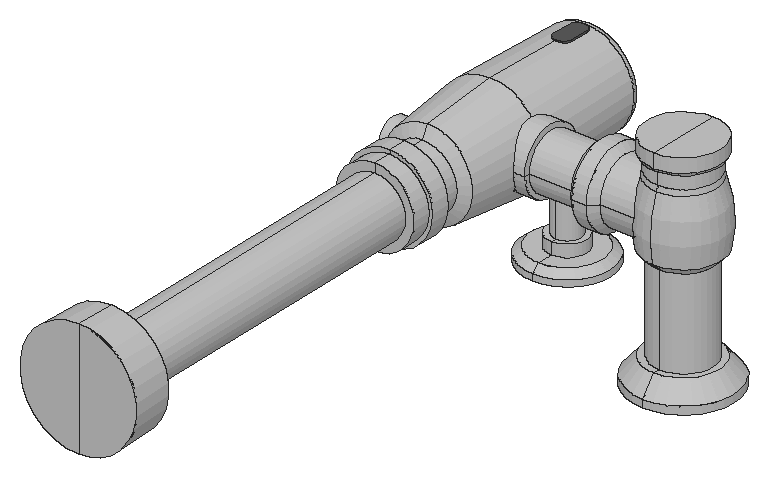
Revit family "Plumbing-Fix_Flush-Valve-Touchless_Stern_Venus", category Plumbing Fixtures, host Face, Revit 2026
Family settings
  Host = Face
  Round Connector Dimension = Use Diameter
  Part Type = Normal
  Classification Number = 23.45.05.14
  Enable Cutting in Views = No
  Cut with Voids When Loaded = No
  Maintain Annotation Orientation = No
  Shared = No
  Room Calculation Point = No
Parameters (values of type "Battery Pack 1.28 GPF")
  Waste Connection = no
  Warranty Duration (Years) = 2
  WFU = 0
  Vent Connection = no
  Unit Width = 0' - 7 1/2"
  Unit Height = 1' - 3 3/4"
  URL = "http://www.sternfaucets.com/"
  Type Comments = "as Specified"
  Standards Conformance = "as Specified"
  Specification = ""
  SpecWizard = ""
  Sales Information = "http://www.sternfaucets.com/contact-us/contact-us-int-l.html"
  Revision = "R1_2018-04"
  Product Properties = ""
  Product Features = "24 Hr Auto Flush"
  Product Data = "http://www.arcat.com/arcatcos/cos50/arc50092.html"
  Power Supply = "9V Battery"
  Piping_Outlet Diameter [instance] = 1/2"
  Piping_Inlet Diameter = 1"
  Piping_Flow = 0 GPM
  Operating Temperature Range = "as Specified"
  Operating Pressure Range = "7.26 - 116 PSI  ;  0.5 - 8 bar"
  Model = "Venus 1.28 GPF"
  Manufacturer Website = "http://www.sternfaucets.com/"
  Manufacturer Phone - Toll Free = "800-436-4410"
  Manufacturer Phone = ""
  Manufacturer Fax = ""
  Manufacturer Address = "777 Passaic Ave.  Clifton, NJ 07012"
  Manufacturer = "Stern Engineering"
  Maintenance Schedule (Months) = 0
  Keynote = ""
  Installation Phase = ""
  HWFU = 0
  HW Connection = no
  Green Building-LEED = ""
  GPF = 1.28
  Fixture Finish [instance] = Finish - Stern - Chrome
  Expected Lifespan (Years) = 0
  Drawn By = "Sumex Design, Inc. / Robert S. Weygant, CSI, CDT, SCIP"
  Distance from Mounting Surface [instance] = 0' - 3 3/4"
  Description = "Stern Touchless Flush Valve - Venus 1.28 GPF as Specified"
  Default Elevation = 0' - 0"
  Cost = 0
  Copyright = "©Arcat Inc."
  Construction Details = ""
  CWFU = 1
  CW Connection = yes
  Body Construction = "Brass"
  Available Options = "as Specified"
  Assembly Code = "D2010300"
  Accent Color [instance] = Finish - Stern - Black
Types (4): name | Power Supply | Model | GPF | Description
  Battery Pack 1.28 GPF | "9V Battery" | "Venus 1.28 GPF" | 1.28 | "Stern Touchless Flush Valve - Venus 1.28 GPF as Specified"
  Battery Pack 1.6 GPF | "9V Battery" | "Venus E 1.28 GPF" | 1.6 | "Stern Touchless Flush Valve - Venus E 1.28 GPF as Specified"
  Transformer 1.28 GPF | "9V Transformer" | "Venus 3002 R" | 1.28 | "Stern Touchless Flush Valve - Venus 3002 R as Specified"
  Transformer 1.6 GPF | "9V Transformer" | "Venus 3002 RE" | 1.6 | "Stern Touchless Flush Valve - Venus 3002 RE as Specified"
Reference planes (in)
  plane 1 "Center (Front/Back)": y = 0
  plane 2: z = 0
  plane 3 "Center (Left/Right)": x = 0
  plane 4: z = 3.75
  plane 5: x = -4.75
Forms (in)
  Revolve 1, solid, material "Finish - Stern - Chrome" <- "Fixture Finish"
    sketch origin (-4.75, 6.36615, 48) x (0, 1, 0) y (0, 0, 1)
      loop
        line (-18.99434, -44.25) -> (-3.24434, -44.25) -> (-3.24434, -43.25)
        arc (-3.24434, -43.25) -> (-3.30205, -43.11069) -> (-3.44136, -43.05298) r 0.19702
        line (-3.44136, -43.05298) -> (-6.36615, -42.95084) -> (-8.25424, -43.14929) -> (-8.41452, -43.42691) -> (-8.84011, -43.42691) -> (-8.97937, -43.18572) -> (-9.44536, -43.18572) -> (-9.44536, -43.28457) -> (-9.89724, -43.28457) -> (-9.89724, -43.5) -> (-17.73212, -43.5) -> (-17.73212, -43.1466) -> (-17.98212, -43.1466) -> (-17.98212, -42.85102) -> (-18.99434, -42.81567) -> (-18.99434, -44.25)
      axis (-18.99434, -44.25) -> (-3.24434, -44.25)
    angle from 0 to 360
  Revolve 2, solid, material "Finish - Stern - Chrome" <- "Fixture Finish"
    sketch origin (-4.75, 6.36615, 48) x (0, 1, 0) y (0, 0, 1)
      loop
        line (-3.98912, -48) -> (-2.91886, -48) -> (-2.91886, -47.84467) -> (-3.11037, -47.68397) -> (-3.51195, -47.68397) -> (-3.51195, -47.39279) -> (-3.65316, -47.39279) -> (-3.65316, -44.25) -> (-3.98912, -44.25) -> (-3.98912, -48)
      axis (-3.98912, -48) -> (-3.98912, -44.25)
    angle from 0 to 360
  Revolve 3, solid, material "Finish - Stern - Chrome" <- "Fixture Finish"
    sketch origin (0, 0, 0) x (0, 1, 0) y (0, 0, 1)
      loop
        line (0, 0) -> (1.25, 0) -> (1.25, 0.18675) -> (0.89413, 0.61086) -> (0.73252, 0.61086) -> (0.73252, 2.81104) -> (0.92499, 3.00351)
        arc (0.92499, 3.00351) -> (0.99291, 3.79453) -> (0.81556, 4.56841) r 2.56366
        line (0.81556, 4.56841) -> (0.79234, 4.70006) -> (0.79234, 5.04851) -> (0.86791, 5.04851) -> (0.90919, 5.11999) -> (0.90919, 5.45663) -> (0, 5.45663) -> (0, 0)
      axis (0, 5.45663) -> (0, 0)
    angle from 0 to 360
  Revolve 4, solid, material "Finish - Stern - Chrome" <- "Fixture Finish"
    sketch origin (0, 5.3407, 3.75) x (1, 0, 0) y (0, 1, 0)
      loop
        line (-4.75, -4.53857) -> (-4.75, -5.3407) -> (0, -5.3407) -> (0, -4.55851) -> (-1.43393, -4.55851) -> (-1.6107, -4.38174) -> (-1.97071, -4.38174) -> (-2.09629, -4.50732) -> (-2.09629, -4.65802) -> (-3.25, -4.65802) -> (-3.25, -4.53857) -> (-4.75, -4.53857)
      axis (-4.75, -5.3407) -> (0, -5.3407)
    angle from 0 to 360
  Revolve 5, solid, material "Finish - Stern - Chrome" <- "Fixture Finish"
    sketch origin (0, 5.3407, 3.75) x (1, 0, 0) y (0, 1, 0)
      loop
        line (-6.33396, -6.51227) -> (-5.44308, -6.51227) -> (-5.44308, -6.03903) -> (-6.17422, -6.03903) -> (-6.17422, -6.26344) -> (-6.23566, -6.26344)
        arc (-6.23566, -6.26344) -> (-6.30517, -6.29223) -> (-6.33396, -6.36174) r 0.0983
        line (-6.33396, -6.36174) -> (-6.33396, -6.51227)
      axis (-6.33396, -6.51227) -> (-5.44308, -6.51227)
    angle from 0 to 360
  Extrusion 6, solid, material "Finish - Stern - Black" <- "Accent Color"
    sketch origin (0, 5.28601, 3.75) x (1, 0, 0) y (0, -1, 0)
      loop
        line (-4.96541, 3.05187) -> (-4.96541, 2.59211)
        arc (-4.96541, 2.59211) -> (-4.75, 2.3767) -> (-4.53459, 2.59211) r 0.21541
        line (-4.53459, 2.59211) -> (-4.53459, 3.05187)
        arc (-4.53459, 3.05187) -> (-4.75, 3.26728) -> (-4.96541, 3.05187) r 0.21541
    from -1.26638 to -0.88297
  Extrusion 7, void
    sketch origin (0, 0, 0) x (0, 1, 0) y (0, 0, 1)
      loop
        line (2.00277, 4.98375) -> (2.92627, 4.9515) -> (2.93084, 5.08218) -> (2.00621, 5.08218) -> (2.00277, 4.98375)
    from -5.10526 to -4.47094
Cuts and joins
  Extrusion 7 cuts Extrusion 6
Dimensions and locks (in)
  "Distance from Mounting Surface": plane 4 to host face
  Revolve 2 sketch curve to Revolve 2 sketch curve to Revolve 2 sketch curve to host face = 0' - 0.29118" locked, 0' - 0.1607" locked, 0' - 0.15533" locked
  Revolve 3 sketch curve to Revolve 3 sketch curve to host face to Revolve 3 sketch curve = 0' - 0.42411" locked, 0' - 0.18675" locked, 0' - 0" locked
  locked: plane 5 to plane 3 "Center (Left/Right)" at 4.75
  aligned and locked: plane 2 to host face
  aligned and locked: level to host face
  aligned and locked: Revolve 2 sketch curve to plane 4
Automatic sketch dimensions
  host sketch curve to host sketch curve = 8' - 0"  (x2)
  plane 4 to Revolve 1 sketch curve = 0' - 0"  (x2)
  Revolve 1 sketch curve to plane 1 "Center (Front/Back)" = 0' - 0"
  plane 1 "Center (Front/Back)" to Revolve 1 sketch curve = 0' - 1.88808"
  Revolve 1 sketch curve to Revolve 1 sketch curve = 0' - 0.16028"
  Revolve 1 sketch curve to plane 4 = 0' - 0.82309"
  Revolve 1 sketch curve to Revolve 1 sketch curve = 0' - 0.42559"
  Revolve 1 sketch curve to Revolve 1 sketch curve = 0' - 0.13925"
  Revolve 1 sketch curve to Revolve 1 sketch curve = 0' - 0.466"
  Revolve 1 sketch curve to Revolve 1 sketch curve = 0' - 0.45188"
  Revolve 1 sketch curve to plane 4 = 0' - 1.1034"
  Revolve 1 sketch curve to Revolve 1 sketch curve = 0' - 7.83488"
  Revolve 1 sketch curve to Revolve 1 sketch curve = 0' - 0 1/4"
  Revolve 1 sketch curve to Revolve 1 sketch curve = 0' - 1.26222"
  Revolve 1 sketch curve to plane 1 "Center (Front/Back)" = 0' - 2.92479"
  Revolve 1 sketch curve to Revolve 1 sketch curve = 0' - 0.19702"
  Revolve 1 sketch curve to Revolve 1 sketch curve = 0' - 0.3534"
  Revolve 1 sketch curve to Revolve 1 sketch curve = 0' - 0.21543"
  Revolve 1 sketch curve to plane 4 = 0' - 1"
  Revolve 1 sketch curve to Revolve 1 sketch curve = 0' - 0.09885"
  Revolve 1 sketch curve to Revolve 1 sketch curve = 0' - 0.27762"
  Revolve 1 sketch curve to plane 4 = 0' - 1.29916"
  Revolve 1 sketch curve to Revolve 1 sketch curve = 0' - 0.29558"
  Revolve 1 sketch curve to Revolve 1 sketch curve = 0' - 0.03535"
  Revolve 1 sketch curve to Revolve 1 sketch curve = 0' - 1.87181"
  Revolve 1 sketch curve to Revolve 1 sketch curve = 0' - 0"
  Revolve 2 sketch curve to level = 0' - 0"  (x2)
  Revolve 2 sketch curve to plane 1 "Center (Front/Back)" = 0' - 2.37704"
  Revolve 2 sketch curve to Revolve 2 sketch curve = 0' - 0 43/128"
  Revolve 2 sketch curve to Revolve 2 sketch curve = 0' - 0.14121"
  Revolve 2 sketch curve to Revolve 2 sketch curve = 0' - 0.40158"
  Revolve 2 sketch curve to Revolve 2 sketch curve = 0' - 0.19151"
  Revolve 2 sketch curve to Revolve 2 sketch curve = 0' - 0"
  Revolve 2 sketch curve to Revolve 2 sketch curve = 0' - 0.63967"
  plane 1 "Center (Front/Back)" to Revolve 4 sketch curve = 0' - 0"  (x2)
  Revolve 4 sketch curve to plane 5 = 0' - 0"
  Revolve 4 sketch curve to plane 3 "Center (Left/Right)" = 0' - 0"
  Revolve 4 sketch curve to plane 1 "Center (Front/Back)" = 0' - 0.68268"
  plane 5 to Revolve 4 sketch curve = 0' - 1 1/2"
  Revolve 4 sketch curve to plane 1 "Center (Front/Back)" = 0' - 0.83338"
  Revolve 4 sketch curve to Revolve 4 sketch curve = 0' - 1.15371"
  Revolve 4 sketch curve to plane 1 "Center (Front/Back)" = 0' - 0.95896"
  Revolve 4 sketch curve to Revolve 4 sketch curve = 0' - 0.12558"
  Revolve 4 sketch curve to Revolve 4 sketch curve = 0' - 0.36"
  Revolve 4 sketch curve to Revolve 4 sketch curve = 0' - 0.17678"  (x2)
  Revolve 4 sketch curve to Revolve 4 sketch curve = 0' - 0.11945"
  Revolve 4 sketch curve to plane 5 = 0' - 0.18572"
  Revolve 4 sketch curve to Revolve 4 sketch curve = 0' - 3.06428"
  Revolve 3 sketch curve to plane 1 "Center (Front/Back)" = 0' - 0"  (x2)
  plane 4 to Revolve 3 sketch curve = 0' - 0.1343"
  plane 1 "Center (Front/Back)" to Revolve 3 sketch curve = 0' - 1.56451"
  Revolve 3 sketch curve to plane 1 "Center (Front/Back)" = 0' - 0.73252"
  Revolve 3 sketch curve to Revolve 3 sketch curve = 0' - 0.02321"
  Revolve 3 sketch curve to Revolve 3 sketch curve = 0' - 0.07557"
  Revolve 3 sketch curve to Revolve 3 sketch curve = 0' - 0.16161"
  Revolve 3 sketch curve to Revolve 3 sketch curve = 0' - 0.04127"
  plane 4 to Revolve 3 sketch curve = 0' - 0.74649"
  Revolve 3 sketch curve to Revolve 3 sketch curve = 0' - 0.19247"  (x2)
  Revolve 3 sketch curve to Revolve 3 sketch curve = 0' - 0.35587"
  Revolve 3 sketch curve to Revolve 3 sketch curve = 0' - 0.13165"
  Revolve 3 sketch curve to Revolve 3 sketch curve = 0' - 0.34845"
  Revolve 3 sketch curve to Revolve 3 sketch curve = 0' - 0.07148"
  Revolve 3 sketch curve to level = 0' - 3"
  Revolve 3 sketch curve to Revolve 3 sketch curve = 0' - 1.54337"
  Revolve 3 sketch curve to plane 1 "Center (Front/Back)" = 0' - 0.79234"
  Revolve 3 sketch curve to Revolve 3 sketch curve = 0' - 0.33664"
  Revolve 5 sketch curve to plane 5 = 0' - 1.58396"
  Revolve 5 sketch curve to Revolve 5 sketch curve = 0' - 0.0983"
  Revolve 5 sketch curve to Revolve 5 sketch curve = 0' - 0.06144"
  Revolve 5 sketch curve to plane 5 = 0' - 0.69308"
  plane 1 "Center (Front/Back)" to Revolve 5 sketch curve = 0' - 1.17158"
  Revolve 5 sketch curve to Revolve 5 sketch curve = 0' - 0.15053"
  Revolve 5 sketch curve to Revolve 5 sketch curve = 0' - 0.47325"
  Revolve 5 sketch curve to Revolve 5 sketch curve = 0' - 0.72167"
  plane 5 to Revolve 5 sketch curve = 0' - 0.44437"
  Revolve 5 sketch curve to Revolve 5 sketch curve = 0' - 0"
  Extrusion 6 sketch curve to plane 5 = 0' - 0.21541"
  plane 5 to Extrusion 6 sketch curve = 0' - 0"
  Extrusion 6 sketch curve to plane 1 "Center (Front/Back)" = 0' - 2.23414"
  Extrusion 6 sketch curve to Extrusion 6 sketch curve = 0' - 0.45976"
  Extrusion 7 sketch curve to plane 4 = 0' - 1.2015"
  Extrusion 7 sketch curve to plane 1 "Center (Front/Back)" = 0' - 2.92627"
  Extrusion 7 sketch curve to Extrusion 7 sketch curve = 0' - 0.00456"
  Extrusion 7 sketch curve to Extrusion 7 sketch curve = 0' - 0.13067"
  Extrusion 7 sketch curve to Extrusion 7 sketch curve = 0' - 0.92463"
Connectors (in)
  piping at (-4.75, -12.62819, 3.75), diameter 0.5, driven by "Piping_Flow", driven by "Piping_Outlet Diameter"
    settings: on Revolve 1, index 1, connector inside diameter 24", connector length 0' - 0", flow factor 0, pipe flow 0 GPM, pressure drop 0.00 psi, fitting loss kfactor 0, connector angle 0.00°, fixture units 0, engagement length 0' - 0", angle of deflection 0.00°, flow configuration 0, flow direction 2, fitting loss method 0, system type 29, joint type 0, gender type 0, connector reference index -1, connector utility 0, adjustable connector no, is connector primary no, connector description "CW Outlet"
  piping at (0, 0, 0), diameter 1, driven by "Piping_Flow", driven by "Piping_Inlet Diameter"
    settings: on Revolve 3, index 2, connector inside diameter 24", connector length 0' - 0", flow factor 0, pipe flow 0 GPM, pressure drop 0.00 psi, fitting loss kfactor 0, connector angle 0.00°, fixture units 0, engagement length 0' - 0", angle of deflection 0.00°, flow configuration 0, flow direction 1, fitting loss method 0, system type 20, joint type 0, gender type 0, connector reference index -1, connector utility 0, adjustable connector no, is connector primary yes, connector description "CW Inlet"
  electrical at (-4.75, 2.37704, 0)
    settings: on Revolve 2, index 3, voltage 0 V, apparent load 0 VA, apparent load phase1 0 VA, apparent load phase2 0 VA, apparent load phase3 0 VA, power factor 1, load classification "Other", number of poles 1, system type 13, power factor state 1, is connector primary yes, connector utility no, sub classification motor no, connector description ""
